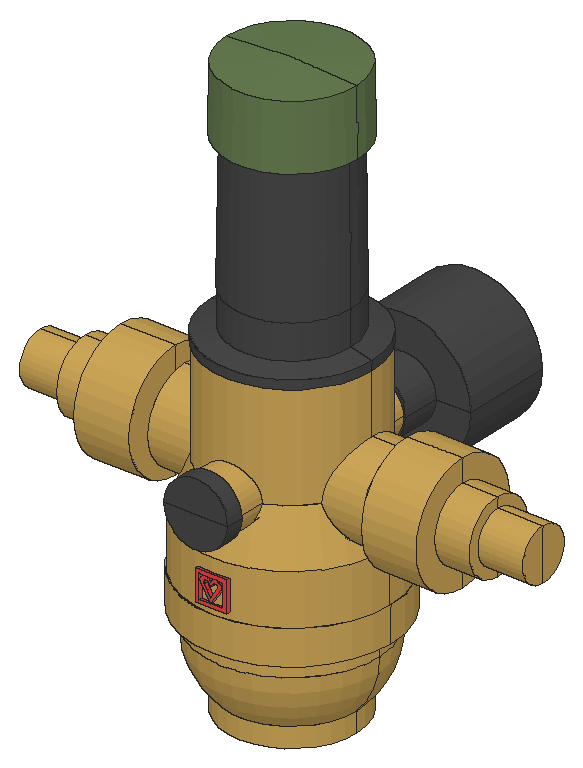
Revit family "Мембранный редуктор давления с крышкой фильтрующего элемента из латуни 2682", category Rohrzubehör, Revit 2020
Family settings
  Bemaßung runder Anschluss = Durchmesser verwenden
  Teiletyp = Unterbricht
  OmniClass-Nummer = 23.65.55.14
  OmniClass-Titel = Valves for Liquid Services
  Arbeitsebenenbasiert = Nein
  Immer vertikal = Ja
  Beim Laden mit Abzugskörper schneiden = Nein
  Gemeinsam genutzt = Nein
Parameters (values of type "Манометр сзади")
  Фильтрующий элемент = "нержавеющая сталь, размер ячейки 0.3 мм"  # constant formula
  Пружина = "пружинная сталь"  # constant formula
  Примечание = "В соответствии со статьей 33 Регламента REACH (Registration; Evaluation; Authorisation; Restriction of Chemicals) (EC № 1907/2006) мы обязаны указать, что свинец внесен в список SVHC (Substances of Very High Concern - вещества очень высокой важности) и весовой процент свинца во всех латунных компонентах заводского изготовления в наших изделиях, превышает 0,1 % (w/w) (CAS: 7439-92-1 / EINECS: 231-100-4).\r\nПоскольку свинец является легирующим компонентом сплава, прямое негативное влияние исключается, и поэтому дополнительной информации о безопасном использовании не требуется."
  Область применения = "Мембранный редуктор давления защищает установки от избыточного давления (снижает давление на входе до рабочего уровня).\r\nРедуктор также может использоваться в системах отопления для защиты водонагревателя от высокого давления.\r\nДавление на выходе настраивается в указанном диапазоне и не зависит от изменения давления на входе.\r\nДавление на выходе можно регулировать путем поворота зеленого маховика.\r\nПри повороте маховика по часовой стрелке увеличивается давление на выходе.\r\nПревышение значений, указанных на шкале редуктора, может привести к повреждению устройства.\r\nДля систем в частных домах рекомендуется установить давление на выходе равным 4 бара, что обеспечивает длительный срок службы изделия и низкие затраты во время его эксплуатации.\r\nПосле изменения настройки необходимо открыть и затем закрыть водоразборный кран и далее проконтролировать достигнутое значение настроенного давления по манометру при закрытом кране водоразбора."
  Номер заказа [instance] = size_lookup("2682_M_", "Artnr", 0, Nennweite)  # 1268221
  Направляющая пружины = "нержавеющая сталь"  # constant formula
  Маховик = "пластик PA6.6, зеленого цвета"  # constant formula
  Макс. рабочая температура = 70 °C  # constant formula
  Букса = "PA6.6"  # constant formula
  Заводская настройка давления на выходе = 300000.0 Pa  # constant formula
  W01 = 91.00°  # constant formula
  Vorne [instance] = no
  Vorgabe-Ansicht = 0.000 mm
  VRL03 [instance] = size_lookup("2682_M_", "VRL3", 1.000 mm, Nennweite)  # 23.500 mm
  VRL02 [instance] = size_lookup("2682_M_", "VRL2", 1.000 mm, Nennweite)  # 16.000 mm
  VRL01 [instance] = size_lookup("2682_M_", "VRL1", 1.000 mm, Nennweite)  # 73.500 mm
  VRD02 [instance] = size_lookup("2682_M_", "VRD2", 1.000 mm, Nennweite)  # 17.000 mm
  VRD01 [instance] = size_lookup("2682_M_", "VRD1", 1.000 mm, Nennweite)  # 10.500 mm
  VRAG [instance] = Nennweite / 2  # 7.500 mm
  URL = "www.herz-armaturen.ru"
  Стандарт = "EN 1567"  # constant formula
  SC_NennweiteBerechnet = 0
  SC_Dimension = ""
  SCTWSEQ = "AW;SBT_TYP_AW=\"111\";2"
  SCTWCODE = "04;24;02"  # constant formula
  S02 = 10.000 mm  # constant formula
  S01 [instance] = VRD02 * 2  # 34.000 mm
  R07 [instance] = R05 + 0.800 mm  # 9.300 mm
  R06 = 19.500 mm  # constant formula
  R05 [instance] = size_lookup("2682_M_", "R5", 1.000 mm, Nennweite)  # 8.500 mm
  R04 [instance] = size_lookup("2682_M_", "R4", 1.000 mm, Nennweite)  # 18.900 mm
  R03 [instance] = size_lookup("2682_M_", "R3", 1.000 mm, Nennweite)  # 19.250 mm
  R02 [instance] = size_lookup("2682_M_", "R2", 1.000 mm, Nennweite)  # 28.750 mm
  R01 [instance] = size_lookup("2682_M_", "R1", 1.000 mm, Nennweite)  # 23.250 mm
  Nennweite [instance] = 15.000 mm
  Мембрана = "EPDM"  # constant formula
  Среда = "Питьевая вода"  # constant formula
  Макс. давление на входе = 1600000.0 Pa  # constant formula
  Шкала манометра = "0 - 10 bar"  # constant formula
  Подключение манометра (с обеих сторон) = "1/4\" F (ISO 228-1)"
  LO01 [instance] = H02 - 2.000 mm  # 27.000 mm
  L01 [instance] = size_lookup("2682_M_", "L1", 1.000 mm, Nennweite)  # 10.600 mm
  L00 [instance] = size_lookup("2682_M_", "L", 1.000 mm, Nennweite)  # 84.000 mm
  Крышка = "латунь CW617N"  # constant formula
  Соединение "американка" = "латунь CW617N"  # constant formula
  Hinten [instance] = yes
  Hersteller = "HERZ Armaturen Ges.m.b.H."  # constant formula
  H12 [instance] = size_lookup("2682_M_", "H12", 1.000 mm, Nennweite)  # 5.800 mm
  H11 [instance] = size_lookup("2682_M_", "H11", 1.000 mm, Nennweite)  # 10.000 mm
  H10 [instance] = size_lookup("2682_M_", "H10", 1.000 mm, Nennweite)  # 37.000 mm
  H09 [instance] = H01 + H04 - H05  # 84.500 mm
  H08 [instance] = size_lookup("2682_M_", "H8", 1.000 mm, Nennweite)  # 20.000 mm
  H07 [instance] = size_lookup("2682_M_", "H7", 1.000 mm, Nennweite)  # 10.000 mm
  H06 [instance] = size_lookup("2682_M_", "H6", 1.000 mm, Nennweite)  # 2.500 mm
  H05 [instance] = size_lookup("2682_M_", "H5", 1.000 mm, Nennweite)  # 4.700 mm
  H04 [instance] = size_lookup("2682_M_", "H4", 1.000 mm, Nennweite)  # 58.700 mm
  H03 [instance] = D02 + 1.000 mm  # 14.220 mm
  H02 [instance] = size_lookup("2682_M_", "H2", 1.000 mm, Nennweite)  # 29.000 mm
  H01 [instance] = size_lookup("2682_M_", "H1", 1.000 mm, Nennweite)  # 30.500 mm
  Корпус (DN32-DN50) = "литая латунь (EN 1982; CC770S)"  # constant formula
  Корпус (DN15-DN25) = "штампованная латунь (EN 12165; CW626N)"  # constant formula
  GT1 [instance] = size_lookup("2682_M_", "GT1", 1.000 mm, Nennweite)  # 12.000 mm
  GT [instance] = size_lookup("2682_M_", "GT", 1.000 mm, Nennweite)  # 13.200 mm
  Диапазон настройки выходного давления = "1.5 - 6 bar"  # constant formula
  Уплотнение в мембранном редукторе = "EPDM"  # constant formula
  Уплотнение соединения "американка" = "Klingersil C-4324"  # constant formula
  D09 [instance] = size_lookup("2682_M_", "D9", 1.000 mm, Nennweite)  # 19.000 mm
  D08 [instance] = size_lookup("2682_M_", "D8", 1.000 mm, Nennweite)  # 25.800 mm
  D07 [instance] = size_lookup("2682_M_", "D7", 1.000 mm, Nennweite)  # 29.000 mm
  D06 [instance] = size_lookup("2682_M_", "D6", 1.000 mm, Nennweite)  # 16.000 mm
  D05 [instance] = size_lookup("2682_M_", "D5", 1.000 mm, Nennweite)  # 16.800 mm
  D04 [instance] = size_lookup("2682_M_", "D4", 1.000 mm, Nennweite)  # 17.300 mm
  D03 [instance] = size_lookup("2682_M_", "D3", 1.000 mm, Nennweite)  # 23.500 mm
  D02 [instance] = size_lookup("2682_M_", "D2", 1.000 mm, Nennweite)  # 13.220 mm
  D01 [instance] = size_lookup("2682_M_", "D1", 1.000 mm, Nennweite)  # 9.525 mm
  B03 = 5.000 mm  # constant formula
  B02 = 26.000 mm  # constant formula
  B01 [instance] = size_lookup("2682_M_", "B1", 1.000 mm, Nennweite)  # 30.000 mm
  B00 [instance] = size_lookup("2682_M_", "B", 1.000 mm, Nennweite)  # 67.000 mm
  Наружная резьба подключения = "в соответствии с ISO 7-1 и ISO228"  # constant formula
Types (3, lengths in mm): name | Vorne | Hinten
  (no name) | no | yes
  Манометр спереди | yes | no
  Манометр сзади | no | yes
Reference planes
  plane 1 "Mitte (Vorne/hinten)": y = 0
  plane 2: z = 0
  plane 3 "Mitte (Links/rechts)": x = 0
Forms (mm)
  Revolve 1, solid, material "Messing, weicher Gelbton, geschweißt", detail levels fine
    sketch origin (0, 0, 0) x (1, 0, 0) y (0, 0, 1)
      loop
        line (-42, 0) -> (42, 0) -> (42, 9.525) -> (31.4, 9.525) -> (31.4, 13.22) -> (-31.4, 13.22) -> (-31.4, 9.525) -> (-42, 9.525) -> (-42, 0)
      axis (-42, 0) -> (42, 0)
    angle from 0 to 360
  Revolve 2, solid, material "Messing, weicher Gelbton, geschweißt", detail levels fine
    sketch origin (0, 0, 0) x (1, 0, 0) y (0, 0, 1)
      loop
        line (0, -29) -> (28.75, -29) -> (28.75, -14.22) -> (23.25, 0) -> (23.25, 30.5) -> (0, 30.5) -> (0, -29)
      axis (0, 30.5) -> (0, -29)
    angle from 0 to 360
  Revolve 3, solid, material "Acetalharz, Schwarz", detail levels fine
    sketch origin (0, 0, 0) x (1, 0, 0) y (0, 0, 1)
      loop
        line (0, 30.5) -> (0, 89.2) -> (-16, 89.2) -> (-16, 84.5) -> (-16.8, 84.5) -> (-17.3, 44.5) -> (-17.3, 34.5) -> (-23.5, 33) -> (-23.5, 30.5) -> (0, 30.5)
      axis (0, 89.2) -> (0, 30.5)
    angle from 0 to 360
  Revolve 4, solid, material "Kunststoff GRÜN", detail levels fine
    sketch origin (0, 0, 0) x (1, 0, 0) y (0, 0, 1)
      loop
        line (0, 84.5) -> (19.25, 84.5) -> (18.9, 103.392)
        arc (18.9, 103.392) -> (9.466, 104.223) -> (0, 104.5) r 161.794
        line (0, 104.5) -> (0, 84.5)
      axis (0, 104.5) -> (0, 84.5)
    angle from 0 to 360
  Revolve 5, solid, material "Messing, weicher Gelbton, geschweißt", detail levels fine
    sketch origin (0, 0, 0) x (1, 0, 0) y (0, 0, 1)
      loop
        line (0, -29) -> (0, -66) -> (19, -66) -> (19, -60.2)
        arc (19, -60.2) -> (24.034, -52.577) -> (25.8, -43.615) r 23.626
        line (25.8, -43.615) -> (25.8, -39) -> (29, -39) -> (29, -29) -> (0, -29)
      axis (0, -29) -> (0, -66)
    angle from 0 to 360
  Revolve 6, solid, material "Messing, weicher Gelbton, geschweißt", detail levels fine
    sketch origin (0, 0, 0) x (1, 0, 0) y (0, 0, 1)
      loop
        line (34, 9.525) -> (46, 9.525) -> (46, 0) -> (73.5, 0) -> (73.5, 7.5) -> (60.3, 7.5) -> (60.3, 10.5) -> (50, 10.5) -> (50, 17) -> (34, 17) -> (34, 9.525)
      loop
        line (-34, 9.525) -> (-34, 17) -> (-50, 17) -> (-50, 10.5) -> (-60.3, 10.5) -> (-60.3, 7.5) -> (-73.5, 7.5) -> (-73.5, 0) -> (-46, 0) -> (-46, 9.525) -> (-34, 9.525)
      axis (-73.5, 0) -> (73.5, 0)
    angle from 0 to 360
  Revolve 7, solid, material "Messing, weicher Gelbton, geschweißt", detail levels fine
    sketch origin (0, 0, 0) x (1, 0, 0) y (0, 1, 0)
      loop
        line (0, 30) -> (0, -30) -> (8.5, -30) -> (8.5, 30) -> (0, 30)
      axis (0, 30) -> (0, -30)
    angle from 0 to 360
  Revolve 8, solid, material "Acetalharz, Schwarz", visible <- "Vorne", detail levels fine
    sketch origin (0, 0, 0) x (1, 0, 0) y (0, 1, 0)
      loop
        line (0, -30) -> (0, -65) -> (17.5, -65) -> (17.5, -67) -> (19.5, -67) -> (19.5, -41) -> (9.3, -41) -> (9.3, -30) -> (0, -30)
      axis (0, -30) -> (0, -67)
    angle from 0 to 360
  Revolve 9, solid, material "Acetalharz, Schwarz", visible <- "Vorne", detail levels fine
    sketch origin (0, 0, 0) x (1, 0, 0) y (0, 1, 0)
      loop
        line (0, 30) -> (9.3, 30) -> (9.3, 35) -> (0, 35) -> (0, 30)
      axis (0, 35) -> (0, 30)
    angle from 0 to 360
  Revolve 10, solid, material "Acetalharz, Schwarz", visible <- "Hinten", detail levels fine
    sketch origin (0, 0, 0) x (1, 0, 0) y (0, -1, 0)
      loop
        line (0, 30) -> (9.3, 30) -> (9.3, 35) -> (0, 35) -> (0, 30)
      axis (0, 35) -> (0, 30)
    angle from 0 to 360
  Revolve 11, solid, material "Acetalharz, Weiß", visible <- "Vorne", detail levels fine
    sketch origin (0, 0, 0) x (1, 0, 0) y (0, 1, 0)
      loop
        line (0, -65) -> (0, -66.5) -> (17.5, -66.5) -> (17.5, -65) -> (0, -65)
      axis (0, -65) -> (0, -66.5)
    angle from 0 to 360
  Revolve 12, solid, material "Acetalharz, Schwarz", visible <- "Hinten", detail levels fine
    sketch origin (0, 0, 0) x (1, 0, 0) y (0, -1, 0)
      loop
        line (0, -30) -> (0, -65) -> (17.5, -65) -> (17.5, -67) -> (19.5, -67) -> (19.5, -41) -> (9.3, -41) -> (9.3, -30) -> (0, -30)
      axis (0, -30) -> (0, -67)
    angle from 0 to 360
  Revolve 13, solid, material "Acetalharz, Weiß", visible <- "Hinten", detail levels fine
    sketch origin (0, 0, 0) x (1, 0, 0) y (0, -1, 0)
      loop
        line (0, -65) -> (0, -66.5) -> (17.5, -66.5) -> (17.5, -65) -> (0, -65)
      axis (0, -65) -> (0, -66.5)
    angle from 0 to 360
Lines and regions (mm)
  model lines, detail levels coarse+medium
    curve 1: line (-42, 0, -17) -> (-42, 0, 17)
    curve 2: line (-42, 0, 17) -> (42, 0, -34)
    curve 3: line (42, 0, -34) -> (42, 0, 34)
    curve 4: line (42, 0, 34) -> (-42, 0, -17)
    curve 5: line (-42, 0, 17) -> (-52, 0, 17)
    curve 6: line (-52, 0, 17) -> (-42, 0, 0)
    curve 7: line (-42, 0, -17) -> (-52, 0, -17)
    curve 8: line (-52, 0, -17) -> (-42, 0, 0)
    curve 9: line (-42, 0, 0) -> (-73.5, 0, 0)
    curve 10: line (42, 0, 17) -> (52, 0, 17)
    curve 11: line (52, 0, 17) -> (42, 0, 0)
    curve 12: line (42, 0, -17) -> (52, 0, -17)
    curve 13: line (52, 0, -17) -> (42, 0, 0)
    curve 14: line (42, 0, 0) -> (73.5, 0, 0)
    curve 15: line (-42, -17, 0) -> (-42, 17, 0)
    curve 16: line (-42, 17, 0) -> (42, -34, 0)
    curve 17: line (42, -34, 0) -> (42, 34, 0)
    curve 18: line (42, 34, 0) -> (-42, -17, 0)
    curve 19: line (-42, 17, 0) -> (-52, 17, 0)
    curve 20: line (-52, 17, 0) -> (-42, 0, 0)
    curve 21: line (-42, -17, 0) -> (-52, -17, 0)
    curve 22: line (-52, -17, 0) -> (-42, 0, 0)
    curve 23: line (42, 0, -17) -> (42, 0, 17)
    curve 24: line (42, 0, 17) -> (52, 0, 17)
    curve 25: line (52, 0, 17) -> (42, 0, 0)
    curve 26: line (42, 17, 0) -> (52, 17, 0)
    curve 27: line (52, 17, 0) -> (42, 0, 0)
    curve 28: line (42, -17, 0) -> (52, -17, 0)
    curve 29: line (52, -17, 0) -> (42, 0, 0)
Dimensions and locks
  equal spacing: Revolve 1 sketch curve, plane 3 "Mitte (Links/rechts)", Revolve 1 sketch curve
  "L00": Revolve 1 sketch curve to Revolve 1 sketch curve
  "L01": Revolve 1 sketch curve to Revolve 1 sketch curve  (x2)
  "D01": Revolve 1 sketch curve to Revolve 1 sketch curve  (x2)
  "D02": Revolve 1 sketch curve to plane 2
  "R01": Revolve 2 sketch curve to Revolve 2 sketch curve
  "R02": Revolve 2 sketch curve to Revolve 2 sketch curve
  "H01": Revolve 2 sketch curve to plane 2
  "H02": plane 2 to Revolve 2 sketch curve
  "H03": plane 2 to Revolve 2 sketch curve
  "H01": Revolve 3 sketch curve to plane 2
  "H04": Revolve 3 sketch curve to Revolve 3 sketch curve
  "H05": Revolve 3 sketch curve to Revolve 3 sketch curve
  "H06": Revolve 3 sketch curve to Revolve 3 sketch curve
  "H07": Revolve 3 sketch curve to Revolve 3 sketch curve
  "D03": Revolve 3 sketch curve to Revolve 3 sketch curve
  "D04": Revolve 3 sketch curve to Revolve 3 sketch curve
  "D05": Revolve 3 sketch curve to Revolve 3 sketch curve
  "D06": Revolve 3 sketch curve to Revolve 3 sketch curve
  "R03": Revolve 4 sketch curve to Revolve 4 sketch curve
  "H08": Revolve 4 sketch curve to Revolve 4 sketch curve
  "R04": Revolve 4 sketch curve to plane 3 "Mitte (Links/rechts)"
  "H09": Revolve 4 sketch curve to plane 2
  "H10": Revolve 5 sketch curve to Revolve 5 sketch curve
  "H02": plane 2 to Revolve 5 sketch curve
  "D07": Revolve 5 sketch curve to Revolve 5 sketch curve
  "H11": Revolve 5 sketch curve to Revolve 5 sketch curve
  "D08": Revolve 5 sketch curve to Revolve 5 sketch curve
  "H12": Revolve 5 sketch curve to Revolve 5 sketch curve
  "D09": Revolve 5 sketch curve to Revolve 5 sketch curve
  "VRL02": Revolve 6 sketch curve to Revolve 6 sketch curve  (x2)
  "VRL01": Revolve 6 sketch curve to plane 3 "Mitte (Links/rechts)"
  "GT": Revolve 6 sketch curve to Revolve 6 sketch curve  (x2)
  "VRL03": Revolve 6 sketch curve to Revolve 6 sketch curve  (x2)
  "D01": Revolve 6 sketch curve to plane 2  (x2)
  "GT1": Revolve 6 sketch curve to Revolve 6 sketch curve  (x2)
  "VRAG": Revolve 6 sketch curve to plane 2  (x2)
  "VRD01": Revolve 6 sketch curve to plane 2  (x2)
  "VRD02": Revolve 6 sketch curve to Revolve 6 sketch curve  (x2)
  "VRL01": plane 3 "Mitte (Links/rechts)" to Revolve 6 sketch curve
  "B01": Revolve 7 sketch curve to plane 1 "Mitte (Vorne/hinten)" to Revolve 7 sketch curve
  "R05": Revolve 7 sketch curve to Revolve 7 sketch curve
  "B00": Revolve 8 sketch curve to plane 1 "Mitte (Vorne/hinten)"
  "B01": plane 1 "Mitte (Vorne/hinten)" to Revolve 8 sketch curve
  "B02": Revolve 8 sketch curve to Revolve 8 sketch curve
  "R06": Revolve 8 sketch curve to Revolve 8 sketch curve
  "R07": Revolve 8 sketch curve to Revolve 8 sketch curve
  "R02": nested 1 to plane 1 "Mitte (Vorne/hinten)"
  "LO01": plane 2 to nested 1
  "VRD02": curve 2 to plane 2 to curve 4
  "S01": curve 4 to plane 2 to curve 3
  equal spacing: curve 3, plane 3 "Mitte (Links/rechts)", curve 1
  "L00": curve 3 to curve 1
  "S02": curve 1 to curve 6
  "S02": curve 1 to curve 8
  "VRL01": plane 3 "Mitte (Links/rechts)" to curve 9
  "S02": curve 11 to curve 3
  "S02": curve 13 to curve 3
  "VRL01": curve 14 to plane 3 "Mitte (Links/rechts)"
  "VRD02": curve 10 to plane 2 to curve 12
  equal spacing: curve 15, plane 3 "Mitte (Links/rechts)", curve 17
  "L00": curve 15 to curve 17
  "VRD02": curve 18 to plane 1 "Mitte (Vorne/hinten)" to curve 16
  "S01": curve 17 to plane 1 "Mitte (Vorne/hinten)" to curve 18
  "S02": curve 20 to curve 15
  "S02": curve 22 to curve 15
  "S02": curve 17 to curve 27
  "S02": curve 17 to curve 29
  "VRD02": curve 28 to plane 1 "Mitte (Vorne/hinten)" to curve 26
  "R07": Revolve 9 sketch curve to Revolve 9 sketch curve
  "B03": Revolve 9 sketch curve to Revolve 9 sketch curve
  "B01": plane 1 "Mitte (Vorne/hinten)" to Revolve 9 sketch curve
  "R07": Revolve 10 sketch curve to Revolve 10 sketch curve
  "B03": Revolve 10 sketch curve to Revolve 10 sketch curve
  "B01": Revolve 10 sketch curve to plane 1 "Mitte (Vorne/hinten)"
  "B02": Revolve 12 sketch curve to Revolve 12 sketch curve
  "R06": Revolve 12 sketch curve to Revolve 12 sketch curve
  "R07": Revolve 12 sketch curve to Revolve 12 sketch curve
  aligned and locked: level to plane 2
Automatic sketch dimensions
  Revolve 11 sketch curve to plane 3 "Mitte (Links/rechts)" = 0.000 mm  (x2)
  plane 3 "Mitte (Links/rechts)" to Revolve 11 sketch curve = 17.500 mm
  plane 1 "Mitte (Vorne/hinten)" to Revolve 11 sketch curve = 66.500 mm
  Revolve 11 sketch curve to Revolve 11 sketch curve = 1.500 mm
  Revolve 11 sketch curve to Revolve 11 sketch curve = 1933.500 mm
  Revolve 11 sketch curve to plane 1 "Mitte (Vorne/hinten)" = 2000.000 mm
  Revolve 13 sketch curve to plane 3 "Mitte (Links/rechts)" = 0.000 mm  (x2)
  Revolve 13 sketch curve to plane 3 "Mitte (Links/rechts)" = 17.500 mm
  plane 1 "Mitte (Vorne/hinten)" to Revolve 13 sketch curve = 66.500 mm
  Revolve 13 sketch curve to Revolve 13 sketch curve = 1.500 mm
  Revolve 13 sketch curve to Revolve 13 sketch curve = 1933.500 mm
  Revolve 13 sketch curve to plane 1 "Mitte (Vorne/hinten)" = 2000.000 mm
  curve 25 to level = 0.000 mm
  curve 14 to level = 0.000 mm
  curve 6 to level = 0.000 mm
  curve 8 to level = 0.000 mm
  curve 24 to curve 10 = 0.000 mm
  plane 1 "Mitte (Vorne/hinten)" to curve 29 = 0.000 mm
  plane 1 "Mitte (Vorne/hinten)" to curve 20 = 0.000 mm
  Revolve 1 sketch curve to level = 0.000 mm  (x2)
  Revolve 1 sketch curve to Revolve 1 sketch curve = 1464.530 mm
  Revolve 1 sketch curve to Revolve 1 sketch curve = 1797.148 mm
  Revolve 2 sketch curve to plane 3 "Mitte (Links/rechts)" = 0.000 mm  (x2)
  Revolve 2 sketch curve to level = 0.000 mm
  Revolve 2 sketch curve to Revolve 2 sketch curve = 337.045 mm
  Revolve 2 sketch curve to Revolve 2 sketch curve = 2183.815 mm
  Revolve 3 sketch curve to plane 3 "Mitte (Links/rechts)" = 0.000 mm  (x2)
  Revolve 3 sketch curve to Revolve 3 sketch curve = 1.500 mm
  Revolve 3 sketch curve to level = 366.045 mm
  Revolve 3 sketch curve to Revolve 3 sketch curve = 2125.115 mm
  Revolve 4 sketch curve to plane 3 "Mitte (Links/rechts)" = 0.000 mm  (x2)
  Revolve 4 sketch curve to level = 57.294 mm
  Revolve 4 sketch curve to Revolve 4 sketch curve = 308.751 mm
  Revolve 4 sketch curve to Revolve 4 sketch curve = 2109.815 mm
  Revolve 5 sketch curve to plane 3 "Mitte (Links/rechts)" = 0.000 mm  (x2)
  plane 3 "Mitte (Links/rechts)" to Revolve 5 sketch curve = 2.174 mm
  Revolve 5 sketch curve to Revolve 5 sketch curve = 300.045 mm
  level to Revolve 5 sketch curve = 2214.315 mm
  Revolve 6 sketch curve to level = 0.000 mm  (x3)
  Revolve 6 sketch curve to Revolve 6 sketch curve = 1433.030 mm
  Revolve 6 sketch curve to Revolve 6 sketch curve = 1765.648 mm
  Revolve 7 sketch curve to plane 3 "Mitte (Links/rechts)" = 0.000 mm  (x2)
  Revolve 7 sketch curve to Revolve 7 sketch curve = 1950.000 mm  (x2)
  Revolve 8 sketch curve to plane 3 "Mitte (Links/rechts)" = 0.000 mm  (x2)
  Revolve 8 sketch curve to Revolve 8 sketch curve = 2.000 mm  (x2)
  Revolve 8 sketch curve to Revolve 8 sketch curve = 1936.000 mm
  Revolve 8 sketch curve to plane 1 "Mitte (Vorne/hinten)" = 2000.000 mm
  Revolve 9 sketch curve to plane 3 "Mitte (Links/rechts)" = 0.000 mm  (x2)
  plane 1 "Mitte (Vorne/hinten)" to Revolve 9 sketch curve = 2000.000 mm
  Revolve 9 sketch curve to Revolve 9 sketch curve = 1963.669 mm
  Revolve 10 sketch curve to plane 3 "Mitte (Links/rechts)" = 0.000 mm  (x2)
  plane 1 "Mitte (Vorne/hinten)" to Revolve 10 sketch curve = 2000.000 mm
  Revolve 10 sketch curve to Revolve 10 sketch curve = 1963.669 mm
  Revolve 12 sketch curve to plane 3 "Mitte (Links/rechts)" = 0.000 mm  (x2)
  Revolve 12 sketch curve to Revolve 12 sketch curve = 2.000 mm  (x2)
  plane 1 "Mitte (Vorne/hinten)" to Revolve 12 sketch curve = 67.000 mm
  Revolve 12 sketch curve to Revolve 12 sketch curve = 11.000 mm
  Revolve 12 sketch curve to Revolve 12 sketch curve = 1936.000 mm
  Revolve 12 sketch curve to plane 1 "Mitte (Vorne/hinten)" = 2000.000 mm
Nested families
  nested 1: "Herz-Logo-vorne" at (0, -28.75, -22.5) x (0, 1, 0) z (0, 0, 1), type "Herz-Logo-vorne", detail levels fine
Connectors
  piping at (73.5, 0, 0), diameter 15, driven by "Nennweite"
    settings: on Revolve 6, index 1, connector inside diameter 609.6 mm, connector length 0.000 mm, flow factor 0, pipe flow 0.0 L/s, pressure drop 0.0 Pa, fitting loss kfactor 0, connector angle 0.00°, fixture units 0, engagement length 0.000 mm, angle of deflection 0.00°, flow configuration 0, flow direction 2, fitting loss method 0, system type 29, joint type 0, gender type 0, connector reference index -1, connector utility 0, adjustable connector no, is connector primary yes, connector description ""
  piping at (-73.5, 0, 0), diameter 15, driven by "Nennweite"
    settings: on Revolve 6, index 2, connector inside diameter 609.6 mm, connector length 0.000 mm, flow factor 0, pipe flow 0.0 L/s, pressure drop 0.0 Pa, fitting loss kfactor 0, connector angle 0.00°, fixture units 0, engagement length 0.000 mm, angle of deflection 0.00°, flow configuration 0, flow direction 1, fitting loss method 0, system type 29, joint type 0, gender type 0, connector reference index -1, connector utility 0, adjustable connector no, is connector primary no, connector description ""
Definition of nested family "Herz-Logo-vorne"
  Parameters (values of type "Herz-Logo-vorne")
    Default Elevation = 0.000 mm
  Reference planes
    plane 1 "Mitte (Vorne/hinten)": y = 0
    plane 2: z = 0
    plane 3 "Mitte (Links/rechts)": x = 0
  Forms (mm)
    Extrusion 1, solid
      sketch origin (0.732, -0.018, 0.017) x (0, -1, 0) y (0, 0, 1)
        loop
          line (-0.018, -4.517) -> (4.482, -4.517) -> (4.482, 4.483) -> (-4.518, 4.483) -> (-4.518, -4.517) -> (-0.018, -4.517)
        loop
          line (-0.05, -3.48) -> (3.482, -3.48) -> (3.482, 3.483) -> (-3.518, 3.483) -> (-3.518, -3.48) -> (-0.05, -3.48)
        loop
          arc (-0.018, 2.383) -> (-1.543, 3.287) -> (-3.067, 2.383) r 1.738
          arc (-3.067, 2.383) -> (-3.191, 1.899) -> (-3.067, 1.415) r 1.009
          line (-3.067, 1.415) -> (-0.018, -3.281) -> (3.032, 1.415)
          arc (3.032, 1.415) -> (3.156, 1.899) -> (3.032, 2.383) r 1.009
          arc (3.032, 2.383) -> (1.507, 3.287) -> (-0.018, 2.383) r 1.738
        loop
          arc (1.885, 1.272) -> (2.005, 1.675) -> (1.885, 2.079) r 0.74
          arc (1.885, 2.079) -> (1.265, 2.416) -> (0.644, 2.079) r 0.74
          line (0.644, 2.079) -> (-0.018, 0.97) -> (-0.679, 2.079)
          arc (-0.679, 2.079) -> (-1.3, 2.416) -> (-1.921, 2.079) r 0.74
          arc (-1.921, 2.079) -> (-2.04, 1.675) -> (-1.921, 1.272) r 0.74
          line (-1.921, 1.272) -> (-0.018, -1.658) -> (1.885, 1.272)
      from 0 to 1.5
  Dimensions and locks
    aligned and locked: level to plane 2
